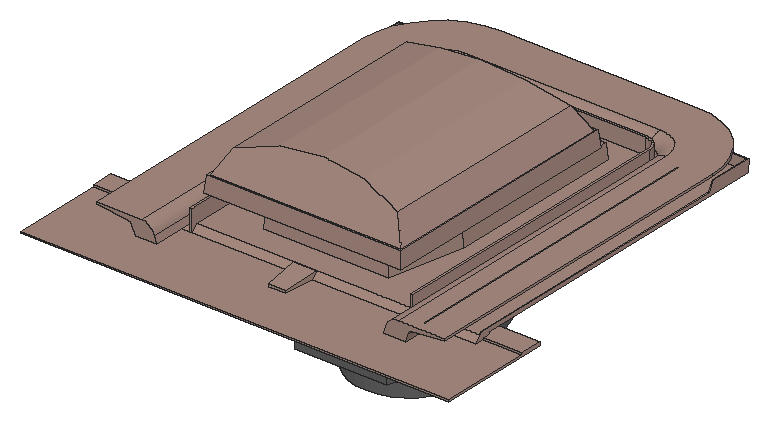
Revit family "PVCTT99", category Mechanical Equipment, Revit 2015
Parameters (values of type "PVCTT9-REDST")
  Width = 400 mm
  Weight = 1.25 kg
  Unit Description = "Roof Tile Terminal"
  Type Comments = ""
  Supplier Part No = Nuaire Model No  # "PVCTT9-REDST"
  Spigot Radius = Spigot Diameter / 2  # 62.5 mm
  Spigot Diameter = 125 mm
  Revit Family Last Revised = "31/10/18"  # constant formula
  Red = Red Finish
  Quote Reference [instance] = ""
  Project Reference [instance] = ""
  Pressure Drop [instance] = if(and(Air Flow < 22.5 L/s, Air Flow > 0.0 L/s), 0.6 Pa, if(and(Air Flow > 22.4 L/s, Air Flow < 45.0 L/s), 2.7 Pa, if(Air Flow > 44.9 L/s, 11.4 Pa, 0.0 Pa)))  # 0.0 Pa
  Order Reference [instance] = ""
  OmniClass Title = "Fans"  # constant formula
  OmniClass Number = "23-33 31 19"  # constant formula
  Material = Red Finish
  Manufacturer Name = "Nuaire"  # constant formula
  Location Reference [instance] = ""
  Length = 480 mm
  IFCExportAs = "IfcFanType"  # constant formula
  I&M Manual = ""
  Nuaire Model No = "PVCTT9-REDST"
  Location [instance] = ""
  Model Drawn by = "Michael Grote"  # constant formula
  Maximum Ambient Temperature = 40 °C
  URL = "http://www.nuaire.co.uk"
  Warranty Period = "1 Year"
  Manufacturer = Manufacturer Name  # "Nuaire"
  Height = 100 mm
  Grey = Grey Finish
  Fan Unit = no
  Description = Unit Description  # "Roof Tile Terminal"
  Default Elevation = 1219.2 mm
  Cowl Width = 225 mm
  Cowl Length = 285 mm
  Classification.Uniclass.Pr.Number = "Pr_65_67_29"  # constant formula
  Classification.Uniclass.Pr.Description = "Fans"  # constant formula
  Brown = Brown Finish
  Air Flow [instance] = 0.0 L/s
  Address = "Western Industrial Estate, Caerphilly, UK"  # constant formula
  Postcode = "CF83 1NA"  # constant formula
  Telephone Number = "+44(0)2920-858-200"  # constant formula
  Fax Number = "+44(0)2920-858-222"  # constant formula
  Email Address = "info@nuaire.co.uk"  # constant formula
  VAT Registration Number = "877308"  # constant formula
  Model = Nuaire Model No  # "PVCTT9-REDST"
Types (4, lengths in mm): name | Supplier Part No | Material | Nuaire Model No | Model
  PVCTT9-GREY | "PVCTT9-GREY" | Grey Finish | "PVCTT9-GREY" | "PVCTT9-GREY"
  PVCTT9-BROWN | "PVCTT9-BROWN" | Brown Finish | "PVCTT9-BROWN" | "PVCTT9-BROWN"
  PVCTT9-REDST | "PVCTT9-REDST" | Red Finish | "PVCTT9-REDST" | "PVCTT9-REDST"
  PVCTT9-RED | "PVCTT9-RED" | Red Finish | "PVCTT9-RED" | "PVCTT9-RED"
Reference planes
  plane 1 "Center (Front/Back)": y = 0
  plane 2: z = 0
  plane 3 "Center (Left/Right)": x = 0
  plane 4: y = 0
  plane 5 "Bottom of spigot": z = -163
  plane 6: z = -123
  plane 7: y = 100
  plane 8: y = -100
  plane 9: x = 82.5
  plane 10: x = -82.5
  plane 11: z = 84.133
  plane 12: y = -156.864
  plane 13: y = -251.864
  plane 14: x = 245
  plane 15: x = -245
  plane 16: y = -121.864
  plane 17: x = -93.548
  plane 18: x = 93.547
  plane 19: y = -124.75
  plane 20: y = 100
Forms (mm)
  Extrusion 1, solid, material "Black Plastic"
    sketch origin (0, 0, 0) x (1, 0, 0) y (0, 1, 0)
      loop
        circle (0, 0) r 62.5
      loop
        circle (0, 0) r 64
    from -163 to -123
  Extrusion 2, solid, material "Black Plastic", detail levels medium+fine
    sketch origin (0, 0, 0) x (1, 0, 0) y (0, 1, 0)
      loop
        arc (-77.899, 27.165) -> (-82.5, 0) -> (-77.899, -27.165) r 82.5
        line (-77.899, -27.165) -> (-52.5, -100) -> (52.5, -100) -> (77.899, -27.165)
        arc (77.899, -27.165) -> (82.5, 0) -> (77.899, 27.165) r 82.5
        line (77.899, 27.165) -> (52.5, 100) -> (-52.5, 100) -> (-77.899, 27.165)
    from -103 to -123
  Blend 3, solid, material "Black Plastic", detail levels medium+fine
    base sketch origin (0, 0, 0) x (1, 0, 0) y (0, 1, 0)
      loop
        arc (-60, 52.915) -> (-80, 0) -> (-60, -52.915) r 80
        line (-60, -52.915) -> (-60, -75)
        arc (-60, -75) -> (-54.142, -89.142) -> (-40, -95) r 20
        line (-40, -95) -> (40, -95)
        arc (40, -95) -> (54.142, -89.142) -> (60, -75) r 20
        line (60, -75) -> (60, -52.915)
        arc (60, -52.915) -> (80, 0) -> (60, 52.915) r 80
        line (60, 52.915) -> (60, 75)
        arc (60, 75) -> (54.142, 89.142) -> (40, 95) r 20
        line (40, 95) -> (-40, 95)
        arc (-40, 95) -> (-54.142, 89.142) -> (-60, 75) r 20
        line (-60, 75) -> (-60, 52.915)
    top sketch origin (0, 0, 0) x (1, 0, 0) y (0, 1, 0)
      loop
        arc (-55, 50.99) -> (-75, 0) -> (-55, -50.99) r 75
        line (-55, -50.99) -> (-55, -72.5)
        arc (-55, -72.5) -> (-50.607, -83.107) -> (-40, -87.5) r 15
        line (-40, -87.5) -> (40, -87.5)
        arc (40, -87.5) -> (50.607, -83.107) -> (55, -72.5) r 15
        line (55, -72.5) -> (55, -50.99)
        arc (55, -50.99) -> (75, 0) -> (55, 50.99) r 75
        line (55, 50.99) -> (55, 72.5)
        arc (55, 72.5) -> (50.607, 83.107) -> (40, 87.5) r 15
        line (40, 87.5) -> (-40, 87.5)
        arc (-40, 87.5) -> (-50.607, 83.107) -> (-55, 72.5) r 15
        line (-55, 72.5) -> (-55, 50.99)
    from 0 to -103
  Extrusion 4, solid, material "Red Finish" <- "Material", detail levels medium+fine
    sketch origin (0, 0, 0) x (0, 1, 0) y (0, 0, 1)
      loop
        line (232, 14) -> (182.774, 14) -> (177, 4) -> (-148.485, 4) -> (-156.864, -4.379) -> (-138.157, -4.379) -> (-138.157, 0) -> (232, 0) -> (232, 14)
    from -200 to 200
  Extrusion 5, void
    sketch origin (0, 0, 0) x (1, 0, 0) y (0, 1, 0)
      loop
        line (-199, 231) -> (-199, -156.864) -> (199, -156.864) -> (199, 231) -> (-199, 231)
    from 2 to 14
  Sweep 6, solid, material "Red Finish" <- "Material", detail levels medium+fine
    path origin (0, 0, 0) x (1, 0, 0) y (0, 1, 0)
      loop
        line (-130, -200.675) -> (-130, 181.325)
        arc (-130, 181.325) -> (-124.728, 194.053) -> (-112, 199.325) r 18
        line (-112, 199.325) -> (112, 199.325)
        arc (112, 199.325) -> (124.728, 194.053) -> (130, 181.325) r 18
        line (130, 181.325) -> (130, -200.675)
    profile origin (0, 199.325, 0) x (0, 1, 0) y (0, 0, 1)
      loop
        line (69.053, 20) -> (16.549, 20)
        arc (16.549, 20) -> (7.381, 16.872) -> (2.036, 8.792) r 15
        line (2.036, 8.792) -> (0, 1) -> (24.424, 1) -> (28.299, 11.094)
        arc (28.299, 11.094) -> (29.958, 13.295) -> (32.531, 14.283) r 5
        line (32.531, 14.283) -> (69.053, 17.478) -> (69.053, 20)
  Extrusion 7, solid, material "Red Finish" <- "Material", detail levels fine
    sketch origin (0, 0, 0) x (1, 0, 0) y (0, 1, 0)
      loop
        line (125.254, -156.864) -> (127.746, -156.864) -> (127.746, 181.57)
        arc (127.746, 181.57) -> (122.474, 194.298) -> (109.746, 199.57) r 18
        line (109.746, 199.57) -> (-109.746, 199.57)
        arc (-109.746, 199.57) -> (-122.474, 194.298) -> (-127.746, 181.57) r 18
        line (-127.746, 181.57) -> (-127.746, -156.864) -> (-125.254, -156.864) -> (-125.254, 181.579)
        arc (-125.254, 181.579) -> (-120.714, 192.539) -> (-109.754, 197.079) r 15.5
        line (-109.754, 197.079) -> (109.754, 197.079)
        arc (109.754, 197.079) -> (120.714, 192.539) -> (125.254, 181.579) r 15.5
        line (125.254, 181.579) -> (125.254, -156.864)
    from -4.379 to 20
  Extrusion 8, void
    sketch origin (0, 0, 0) x (0, 1, 0) y (0, 0, 1)
      loop
        line (-156.864, -4.379) -> (243.515, -4.379) -> (243.515, 1) -> (-151.485, 1) -> (-156.864, -4.379)
    from -148.744 to 143.061
  Extrusion 9, solid, material "Red Finish" <- "Material", detail levels fine
    sketch origin (0, 0, 0) x (0, 1, 0) y (0, 0, 1)
      loop
        line (-156.864, -4.379) -> (-150.507, 1.978) -> (-190.985, -1.659) -> (-190.985, -4.379) -> (-156.864, -4.379)
    from -15.065 to 15.065
  Extrusion 10, void
    sketch origin (0, 0, 0) x (1, 0, 0) y (0, 1, 0)
      loop
        line (-13.072, -148.512) -> (-15.065, -148.512) -> (-15.065, -193.644) -> (15.065, -193.644) -> (15.065, -148.512) -> (13.072, -148.512) -> (10, -190.985) -> (-10, -190.985) -> (-13.072, -148.512)
    from -4.379 to 4
  Blend 11, solid, material "Red Finish" <- "Material", detail levels fine
    base sketch origin (0, 0, 0) x (1, 0, 0) y (0, 1, 0)
      loop
        line (-71.518, -120.745) -> (71.518, -120.745) -> (90, -36.268) -> (90, 169.245) -> (-90, 169.245) -> (-90, -36.268) -> (-71.518, -120.745)
    top sketch origin (0, 0, 0) x (1, 0, 0) y (0, 1, 0)
      loop
        line (-70.465, -119.5) -> (70.465, -119.5) -> (88.7, -36.152) -> (88.7, 167.95) -> (-88.7, 167.95) -> (-88.7, -36.152) -> (-70.465, -119.5)
    from 2 to 20
  Extrusion 12, solid, material "Red Finish" <- "Material"
    sketch origin (0, 0, 0) x (1, 0, 0) y (0, 1, 0)
      loop
        line (-64.75, 123.25) -> (-64.75, -106.25) -> (64.75, -106.25) -> (64.75, 123.25) -> (-64.75, 123.25)
    from 2 to 39.4
  Blend 13, solid, material "Red Finish" <- "Material", detail levels medium+fine
    base sketch origin (0, 0, 0) x (1, 0, 0) y (0, 1, 0)
      loop
        line (112.81, -154.81) -> (112.81, 130.06) -> (-112.81, 130.06) -> (-112.81, -154.81) -> (112.81, -154.81)
    top sketch origin (0, 0, 0) x (1, 0, 0) y (0, 1, 0)
      loop
        line (111.199, -153.199) -> (111.199, 128.449) -> (-111.199, 128.449) -> (-111.199, -153.199) -> (111.199, -153.199)
    from 39.4 to 57.9
  Extrusion 14, solid, material "Red Finish" <- "Material", detail levels medium+fine
    sketch origin (0, 0, 0) x (1, 0, 0) y (0, 0, 1)
      loop
        line (108.693, 57.9) -> (93.548, 84.133)
        arc (93.548, 84.133) -> (0, 102.865) -> (-93.548, 84.133) r 242.946
        line (-93.548, 84.133) -> (-108.693, 57.9) -> (108.693, 57.9)
    from -127.231 to 153.002
  Extrusion 15, void
    sketch origin (0, 0, 0) x (0, 1, 0) y (0, 0, 1)
      loop
        line (-123.27, 105.398) -> (-157.737, 105.398) -> (-157.737, 45.7) -> (-123.27, 105.398)
      loop
        line (129.23, 52.207) -> (129.23, 104.906) -> (98.804, 104.906) -> (129.23, 52.207)
    from -130 to 135.871
  Extrusion 16, solid, material "Red Finish" <- "Material", detail levels medium+fine
    sketch origin (0, 0, 0) x (0, 1, 0) y (0, 0, 1)
      loop
        line (-121.864, -5.828) -> (-121.864, -2.189) -> (-147.178, -2.189) -> (-147.178, -4.379) -> (-251.864, -4.379) -> (-251.864, -5.828) -> (-121.864, -5.828)
    from -245 to 245
  Blend 17, solid, material "Black Plastic", detail levels coarse
    base sketch origin (0, 0, 0) x (1, 0, 0) y (0, 1, 0)
      loop
        line (60, 95) -> (-60, 95)
        arc (-60, 95) -> (-80, 0) -> (-60, -95) r 235.625
        line (-60, -95) -> (60, -95)
        arc (60, -95) -> (80, 0) -> (60, 95) r 235.625
    top sketch origin (0, 0, 0) x (1, 0, 0) y (0, 1, 0)
      loop
        arc (-55, 87.5) -> (-75, 0) -> (-55, -87.5) r 201.406
        line (-55, -87.5) -> (55, -87.5)
        arc (55, -87.5) -> (75, 0) -> (55, 87.5) r 201.406
        line (55, 87.5) -> (-55, 87.5)
    from 0 to -123
  Blend 18, solid, material "Red Finish" <- "Material", detail levels coarse
    base sketch origin (0, 0, 0) x (1, 0, 0) y (0, 1, 0)
      loop
        line (-112.81, 130.06) -> (-112.81, -154.81) -> (112.81, -154.81) -> (112.81, 130.06) -> (-112.81, 130.06)
    top sketch origin (0, 0, 0) x (1, 0, 0) y (0, 1, 0)
      loop
        line (-93.548, 100) -> (-93.548, -124.75) -> (93.547, -124.75) -> (93.547, 100) -> (-93.548, 100)
    from 39.4 to 102.865
  Extrusion 19, solid, material "Red Finish" <- "Material", detail levels coarse
    sketch origin (0, 0, 0) x (0, 1, 0) y (0, 0, 1)
      loop
        line (232, 14) -> (182.774, 14) -> (177, 4) -> (-148.485, 4) -> (-156.864, -4.379) -> (-138.157, -4.379) -> (-138.157, 0) -> (232, 0) -> (232, 14)
    from -200 to 200
Cuts and joins
  Extrusion 5, Extrusion 8 cuts Extrusion 2
  Extrusion 8 cuts Sweep 6
  Extrusion 8 cuts Extrusion 7
  Extrusion 15 cuts Extrusion 14
  Extrusion 10 cuts Extrusion 9
  Extrusion 5 cuts Extrusion 4
Dimensions and locks
  aligned and locked: level to plane 2
Connectors
  hvac at (0, 0, -123), driven by "Air Flow", driven by "Spigot Radius"
    settings: on Extrusion 1, index 1, duct flow 0.0 L/s, flow factor 0, pres drop 0.0 Pa, loss coef 0, conn angle 0.00°, conn width 304.8 mm, conn height 304.8 mm, conn diameter 125 mm, duct sys type 29, conn prof type 0, flow config 0, flow direction 0, loss method 0, conn ref index -1, conn util no, is conn primary yes, conn desc "Duct Connection"
